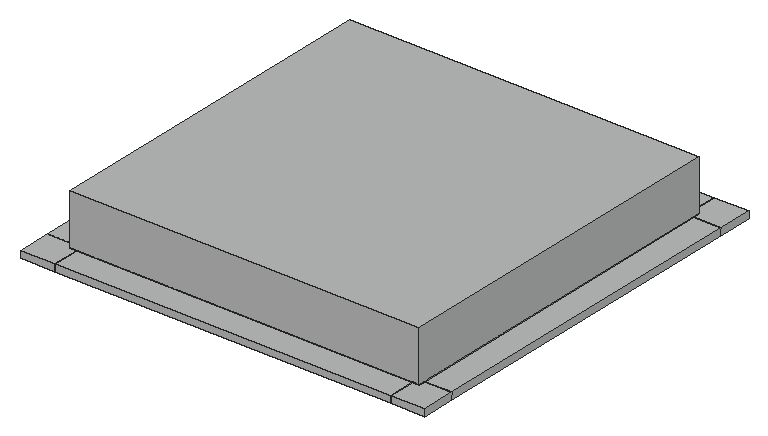
Revit family "ALUMOGIPS", category Осветительные приборы, Revit 2019 (continued)
Types (72, lengths in mm): name | Файл фотометрической сетки | built-in parameter 1150105 | Lumens | built-in parameter 1150106 | built-in parameter 1150142 | Wattage | Emit from Rectangle Width | Emit from Rectangle Length | Длина | Материал светильника | Ширина | ADSK_Ток | ADSK_Полная мощность | ADSK_Обозначение | ADSK_Номинальная мощность | ADSK_Наименование | ADSK_Масса | ADSK_Код изделия
  Alumogips-30/opal-sand 295х595 (IP40, 4000К, серый) | "Светильник ALUMOGIPS-30 OPAL-SAND-(295x595).IES" | 198.94 (stored number, unit not read) | 2500 lm | 1.9894 (stored number, unit not read) | "IESNA:LM-63-95\r\n[TEST] Протокол №80\r\n[DATA]26.06.2016\r\n[MORE] \r\n[MANUFAC] ЗАО \"Центрстройсвет\"\r\n[LUMCAT]  Светильник ALUMOGIPS-30/OPAL-SAND-(295x595)\r\n[LUMINAIRE]\r\n[LAMPCAT] Светодиоды\r\n[LAMP] Поток источника света (светодиодов) не известен\r\n[MORE] КСС приведена в абсолютных величинах кд\r\n[MORE] Вместо потока лампы, указан поток светильника.\r\nTILT=NONE\r\n1    2420 1.0 37 73 1 2 0.295 0.595 0.04\r\n1.0 1.0 28.9\r\n0.0 5.0 10.0 15.0 20.0 25.0 30.0 35.0 40.0 45.0 50.0 55.0 60.0 65.0 70.0 75.0 80.0 85.0 90.0 95.0 100.0 105.0 110.0 115.0 120.0 125.0 130.0 135.0 140.0 145.0 150.0 155.0 160.0 165.0 170.0 175.0 180.0\r\n0.0 5.0 10.0 15.0 20.0 25.0 30.0 35.0 40.0 45.0 50.0 55.0 60.0 65.0 70.0 75.0 80.0 85.0 90.0 95.0 100.0 105.0 110.0 115.0 120.0 125.0 130.0 135.0 140.0 145.0 150.0 155.0 160.0 165.0 170.0 175.0 180.0 185.0 190.0 195.0 200.0 205.0 210.0 215.0 220.0 225.0 230.0 235.0 240.0 245.0 250.0 255.0 260.0 265.0 270.0 275.0 280.0 285.0 290.0 295.0 300.0 305.0 310.0 315.0 320.0 325.0 330.0 335.0 340.0 345.0 350.0 355.0 360.0\r\n911.1 908.3 889.4 861.2 824.6 779.8 729.1 674.3 613.8 546.0 479.1 412.2 342.1 274.7 206.6 142.5 83.1 30.5 0.2 0.0 0.0 0.0 0.0 0.0 0.0 0.0 0.0 0.0 0.0 0.0 0.0 0.0 0.0 0.0 0.0 0.0 0.0\r\n911.1 908.3 890.4 862.2 826.0 781.2 730.0 673.5 610.8 545.9 478.1 412.0 343.0 274.6 207.5 142.8 83.4 31.1 0.3 0.0 0.0 0.0 0.0 0.0 0.0 0.0 0.0 0.0 0.0 0.0 0.0 0.0 0.0 0.0 0.0 0.0 0.0\r\n911.1 908.5 890.5 862.8 826.3 781.1 729.7 670.6 612.5 548.7 480.3 412.7 344.4 275.2 207.5 143.5 83.8 31.5 0.3 0.0 0.0 0.0 0.0 0.0 0.0 0.0 0.0 0.0 0.0 0.0 0.0 0.0 0.0 0.0 0.0 0.0 0.0\r\n911.1 909.2 889.7 860.5 825.1 782.3 731.0 672.5 613.1 547.3 478.2 411.8 342.9 275.2 208.3 143.7 83.9 31.8 0.3 0.0 0.0 0.0 0.0 0.0 0.0 0.0 0.0 0.0 0.0 0.0 0.0 0.0 0.0 0.0 0.0 0.0 0.0\r\n911.1 909.0 891.0 861.5 825.6 782.4 732.7 675.9 611.0 545.2 481.9 413.1 344.4 276.1 208.3 144.0 84.6 32.0 0.3 0.0 0.0 0.0 0.0 0.0 0.0 0.0 0.0 0.0 0.0 0.0 0.0 0.0 0.0 0.0 0.0 0.0 0.0\r\n911.1 908.9 890.1 863.3 826.9 783.2 729.2 673.9 611.8 547.8 480.9 414.1 343.8 275.8 208.6 144.4 85.0 32.4 0.3 0.0 0.0 0.0 0.0 0.0 0.0 0.0 0.0 0.0 0.0 0.0 0.0 0.0 0.0 0.0 0.0 0.0 0.0\r\n911.1 908.9 890.0 862.2 828.3 782.8 731.1 675.1 614.3 547.6 481.3 413.0 345.8 276.7 208.8 145.0 85.3 32.6 0.4 0.0 0.0 0.0 0.0 0.0 0.0 0.0 0.0 0.0 0.0 0.0 0.0 0.0 0.0 0.0 0.0 0.0 0.0\r\n911.1 908.5 891.5 865.2 825.7 780.8 732.5 674.6 615.0 551.3 482.1 414.1 345.1 277.4 208.6 145.5 85.5 33.2 0.5 0.0 0.0 0.0 0.0 0.0 0.0 0.0 0.0 0.0 0.0 0.0 0.0 0.0 0.0 0.0 0.0 0.0 0.0\r\n911.1 908.2 891.4 865.6 827.3 781.0 734.3 676.9 614.9 549.4 482.0 413.8 346.2 277.0 209.5 145.9 86.0 33.8 0.4 0.0 0.0 0.0 0.0 0.0 0.0 0.0 0.0 0.0 0.0 0.0 0.0 0.0 0.0 0.0 0.0 0.0 0.0\r\n911.1 908.7 891.0 864.3 829.6 784.0 732.9 673.2 614.9 550.2 484.5 414.8 346.4 277.8 210.5 146.4 87.2 33.9 0.6 0.0 0.0 0.0 0.0 0.0 0.0 0.0 0.0 0.0 0.0 0.0 0.0 0.0 0.0 0.0 0.0 0.0 0.0\r\n911.1 909.3 890.7 863.4 828.2 782.7 733.6 675.6 617.1 551.3 485.9 416.5 347.0 279.5 211.3 147.1 87.6 34.5 0.8 0.0 0.0 0.0 0.0 0.0 0.0 0.0 0.0 0.0 0.0 0.0 0.0 0.0 0.0 0.0 0.0 0.0 0.0\r\n911.1 908.7 892.5 864.0 829.2 784.2 733.3 676.9 615.6 551.9 484.7 416.9 348.3 279.6 211.6 148.3 88.1 35.0 0.9 0.0 0.0 0.0 0.0 0.0 0.0 0.0 0.0 0.0 0.0 0.0 0.0 0.0 0.0 0.0 0.0 0.0 0.0\r\n911.1 907.6 892.1 865.2 827.4 784.6 731.8 676.8 617.7 552.8 485.1 418.8 350.7 281.3 212.5 148.4 89.0 35.7 1.0 0.0 0.0 0.0 0.0 0.0 0.0 0.0 0.0 0.0 0.0 0.0 0.0 0.0 0.0 0.0 0.0 0.0 0.0\r\n911.1 907.1 892.1 864.5 830.2 788.3 733.6 677.4 617.3 552.0 487.9 420.8 349.8 281.3 213.4 149.2 89.9 36.2 1.3 0.0 0.0 0.0 0.0 0.0 0.0 0.0 0.0 0.0 0.0 0.0 0.0 0.0 0.0 0.0 0.0 0.0 0.0\r\n911.1 907.7 891.9 865.7 828.5 785.6 735.2 678.9 620.0 555.8 488.8 421.1 351.5 282.7 215.2 149.7 90.8 36.9 1.5 0.0 0.0 0.0 0.0 0.0 0.0 0.0 0.0 0.0 0.0 0.0 0.0 0.0 0.0 0.0 0.0 0.0 0.0\r\n911.1 907.8 891.0 864.8 830.1 786.1 738.7 679.4 616.5 556.6 490.6 420.2 352.4 284.5 215.4 151.3 91.1 37.6 1.5 0.0 0.0 0.0 0.0 0.0 0.0 0.0 0.0 0.0 0.0 0.0 0.0 0.0 0.0 0.0 0.0 0.0 0.0\r\n911.1 907.6 892.2 865.5 829.8 785.3 740.8 681.1 621.3 555.2 488.2 422.8 352.5 285.0 216.2 151.5 92.2 38.3 1.9 0.0 0.0 0.0 0.0 0.0 0.0 0.0 0.0 0.0 0.0 0.0 0.0 0.0 0.0 0.0 0.0 0.0 0.0\r\n911.1 907.4 892.1 866.1 829.8 787.6 737.3 681.4 621.4 556.0 491.1 422.7 354.9 284.7 217.1 152.4 93.0 39.4 2.0 0.0 0.0 0.0 0.0 0.0 0.0 0.0 0.0 0.0 0.0 0.0 0.0 0.0 0.0 0.0 0.0 0.0 0.0\r\n911.1 907.1 892.7 864.9 831.7 788.2 738.4 680.3 623.5 555.8 491.4 423.2 354.0 286.0 218.2 152.8 93.7 40.1 1.9 0.0 0.0 0.0 0.0 0.0 0.0 0.0 0.0 0.0 0.0 0.0 0.0 0.0 0.0 0.0 0.0 0.0 0.0\r\n911.1 907.4 892.3 867.6 830.6 789.2 737.9 683.1 622.5 558.1 492.5 424.4 355.9 287.7 219.1 154.3 94.7 40.4 2.5 0.0 0.0 0.0 0.0 0.0 0.0 0.0 0.0 0.0 0.0 0.0 0.0 0.0 0.0 0.0 0.0 0.0 0.0\r\n911.1 907.5 892.4 866.9 832.1 790.0 736.6 683.9 623.3 559.4 493.1 425.9 357.0 288.4 220.1 155.2 95.3 41.1 2.6 0.0 0.0 0.0 0.0 0.0 0.0 0.0 0.0 0.0 0.0 0.0 0.0 0.0 0.0 0.0 0.0 0.0 0.0\r\n911.1 906.9 893.0 866.2 832.9 789.5 740.6 686.4 622.6 558.9 494.6 425.2 357.7 289.6 220.8 156.1 95.8 41.9 2.6 0.0 0.0 0.0 0.0 0.0 0.0 0.0 0.0 0.0 0.0 0.0 0.0 0.0 0.0 0.0 0.0 0.0 0.0\r\n911.1 906.5 892.0 867.1 832.6 789.9 741.4 686.3 627.3 561.0 497.2 429.6 357.8 290.1 222.7 156.4 96.7 42.4 3.1 0.0 0.0 0.0 0.0 0.0 0.0 0.0 0.0 0.0 0.0 0.0 0.0 0.0 0.0 0.0 0.0 0.0 0.0\r\n911.1 906.8 892.3 868.3 834.8 789.8 739.1 686.9 625.0 562.3 496.2 428.6 359.5 290.7 222.5 158.0 97.5 42.6 3.4 0.0 0.0 0.0 0.0 0.0 0.0 0.0 0.0 0.0 0.0 0.0 0.0 0.0 0.0 0.0 0.0 0.0 0.0\r\n911.1 907.7 893.1 868.2 834.1 793.7 743.1 687.9 626.4 562.8 495.5 430.8 360.5 292.6 223.4 158.6 97.7 43.5 3.3 0.0 0.0 0.0 0.0 0.0 0.0 0.0 0.0 0.0 0.0 0.0 0.0 0.0 0.0 0.0 0.0 0.0 0.0\r\n911.1 908.2 893.8 868.2 835.6 793.6 743.3 688.3 626.0 564.5 498.1 431.2 361.0 293.4 224.3 158.9 98.6 44.0 3.5 0.0 0.0 0.0 0.0 0.0 0.0 0.0 0.0 0.0 0.0 0.0 0.0 0.0 0.0 0.0 0.0 0.0 0.0\r\n911.1 906.7 894.2 868.9 835.7 792.8 743.7 688.3 628.3 564.5 497.7 430.5 361.2 293.3 224.8 160.4 99.3 44.4 3.7 0.0 0.0 0.0 0.0 0.0 0.0 0.0 0.0 0.0 0.0 0.0 0.0 0.0 0.0 0.0 0.0 0.0 0.0\r\n911.1 906.5 894.7 867.9 834.7 795.0 744.2 689.6 630.1 566.4 499.6 431.8 363.0 294.1 225.6 160.8 100.0 45.1 3.6 0.0 0.0 0.0 0.0 0.0 0.0 0.0 0.0 0.0 0.0 0.0 0.0 0.0 0.0 0.0 0.0 0.0 0.0\r\n911.1 906.5 895.1 869.9 835.9 794.8 744.6 690.7 627.4 566.4 500.2 432.4 364.0 294.7 227.0 161.2 100.6 45.6 3.8 0.0 0.0 0.0 0.0 0.0 0.0 0.0 0.0 0.0 0.0 0.0 0.0 0.0 0.0 0.0 0.0 0.0 0.0\r\n911.1 906.1 895.4 869.1 835.9 794.7 746.0 689.6 630.7 566.6 499.6 432.7 363.1 295.7 227.9 161.9 100.9 46.3 4.0 0.0 0.0 0.0 0.0 0.0 0.0 0.0 0.0 0.0 0.0 0.0 0.0 0.0 0.0 0.0 0.0 0.0 0.0\r\n911.1 906.1 894.6 870.7 836.3 795.3 746.6 689.6 632.6 567.7 500.1 432.1 364.4 296.0 227.8 162.7 101.4 46.4 4.5 0.0 0.0 0.0 0.0 0.0 0.0 0.0 0.0 0.0 0.0 0.0 0.0 0.0 0.0 0.0 0.0 0.0 0.0\r\n911.1 906.3 895.6 868.8 835.5 793.2 745.3 690.7 630.8 568.5 500.6 433.3 364.7 295.8 227.5 162.6 101.3 46.8 4.6 0.0 0.0 0.0 0.0 0.0 0.0 0.0 0.0 0.0 0.0 0.0 0.0 0.0 0.0 0.0 0.0 0.0 0.0\r\n911.1 907.0 895.4 871.8 837.5 794.5 744.5 690.6 631.8 568.8 502.5 436.2 365.6 296.2 228.3 163.9 101.9 47.1 4.6 0.0 0.0 0.0 0.0 0.0 0.0 0.0 0.0 0.0 0.0 0.0 0.0 0.0 0.0 0.0 0.0 0.0 0.0\r\n911.1 907.6 895.4 871.8 839.2 796.0 747.1 690.6 629.6 567.5 501.4 434.5 365.7 297.2 228.8 163.4 102.4 47.5 4.6 0.0 0.0 0.0 0.0 0.0 0.0 0.0 0.0 0.0 0.0 0.0 0.0 0.0 0.0 0.0 0.0 0.0 0.0\r\n911.1 906.1 895.5 871.6 838.7 794.9 748.2 694.5 632.4 570.3 502.5 434.5 365.5 297.1 229.4 164.0 102.4 47.5 4.7 0.0 0.0 0.0 0.0 0.0 0.0 0.0 0.0 0.0 0.0 0.0 0.0 0.0 0.0 0.0 0.0 0.0 0.0\r\n911.1 904.8 895.9 869.8 836.7 797.2 747.1 691.9 633.4 569.5 503.4 435.1 366.2 298.1 229.3 163.6 102.3 47.2 4.3 0.0 0.0 0.0 0.0 0.0 0.0 0.0 0.0 0.0 0.0 0.0 0.0 0.0 0.0 0.0 0.0 0.0 0.0\r\n911.1 905.3 894.0 871.2 840.2 796.2 748.3 691.8 631.5 572.4 503.6 433.5 366.8 297.9 229.2 163.3 101.8 46.8 3.8 0.0 0.0 0.0 0.0 0.0 0.0 0.0 0.0 0.0 0.0 0.0 0.0 0.0 0.0 0.0 0.0 0.0 0.0\r\n911.1 906.0 894.9 870.9 837.1 795.0 745.7 693.0 630.8 569.0 503.7 436.4 366.4 297.7 229.8 163.4 101.8 46.5 3.4 0.0 0.0 0.0 0.0 0.0 0.0 0.0 0.0 0.0 0.0 0.0 0.0 0.0 0.0 0.0 0.0 0.0 0.0\r\n911.1 905.6 893.6 871.4 839.9 797.6 749.1 691.5 633.0 570.8 502.5 434.8 366.1 296.6 228.5 162.8 101.0 46.0 2.9 0.0 0.0 0.0 0.0 0.0 0.0 0.0 0.0 0.0 0.0 0.0 0.0 0.0 0.0 0.0 0.0 0.0 0.0\r\n911.1 905.5 894.6 871.9 838.0 794.6 747.0 692.0 634.0 569.3 502.9 435.5 366.8 296.4 228.8 163.2 101.1 46.1 2.8 0.0 0.0 0.0 0.0 0.0 0.0 0.0 0.0 0.0 0.0 0.0 0.0 0.0 0.0 0.0 0.0 0.0 0.0\r\n911.1 906.2 893.1 871.0 837.2 796.8 749.0 694.0 633.1 569.5 503.5 436.7 366.4 297.6 228.4 162.6 101.3 45.7 2.8 0.0 0.0 0.0 0.0 0.0 0.0 0.0 0.0 0.0 0.0 0.0 0.0 0.0 0.0 0.0 0.0 0.0 0.0\r\n911.1 905.4 893.6 869.9 837.0 796.8 747.6 692.4 634.5 568.4 503.4 433.2 365.8 296.2 227.1 162.3 100.7 45.6 2.7 0.0 0.0 0.0 0.0 0.0 0.0 0.0 0.0 0.0 0.0 0.0 0.0 0.0 0.0 0.0 0.0 0.0 0.0\r\n911.1 905.2 893.1 870.9 837.6 799.4 749.7 694.6 632.4 569.7 501.2 433.7 366.5 296.3 227.6 162.0 100.7 45.2 2.6 0.0 0.0 0.0 0.0 0.0 0.0 0.0 0.0 0.0 0.0 0.0 0.0 0.0 0.0 0.0 0.0 0.0 0.0\r\n911.1 905.6 892.8 867.9 836.3 795.3 747.6 693.8 632.3 568.8 503.5 433.9 364.4 295.4 227.4 162.1 100.2 45.0 2.6 0.0 0.0 0.0 0.0 0.0 0.0 0.0 0.0 0.0 0.0 0.0 0.0 0.0 0.0 0.0 0.0 0.0 0.0\r\n911.1 906.0 891.2 869.4 838.7 796.6 744.5 691.3 630.5 568.4 500.5 432.6 364.8 294.7 226.6 161.5 99.4 44.6 2.4 0.0 0.0 0.0 0.0 0.0 0.0 0.0 0.0 0.0 0.0 0.0 0.0 0.0 0.0 0.0 0.0 0.0 0.0\r\n911.1 906.3 892.3 868.8 836.4 794.7 746.4 690.6 628.4 567.4 501.0 433.5 364.4 294.7 226.3 161.5 99.1 44.1 2.3 0.0 0.0 0.0 0.0 0.0 0.0 0.0 0.0 0.0 0.0 0.0 0.0 0.0 0.0 0.0 0.0 0.0 0.0\r\n911.1 906.1 891.2 870.3 836.5 796.5 746.5 691.1 630.2 565.4 501.0 432.5 361.6 293.6 224.8 160.3 98.9 43.7 2.2 0.0 0.0 0.0 0.0 0.0 0.0 0.0 0.0 0.0 0.0 0.0 0.0 0.0 0.0 0.0 0.0 0.0 0.0\r\n911.1 906.7 892.3 869.5 834.4 794.2 744.3 688.5 631.3 567.2 500.0 431.6 362.1 292.6 224.4 159.4 98.3 43.1 2.1 0.0 0.0 0.0 0.0 0.0 0.0 0.0 0.0 0.0 0.0 0.0 0.0 0.0 0.0 0.0 0.0 0.0 0.0\r\n911.1 906.3 891.7 869.3 838.3 794.6 745.1 687.7 632.2 566.3 497.6 429.3 361.9 293.2 223.9 158.7 97.6 42.4 1.9 0.0 0.0 0.0 0.0 0.0 0.0 0.0 0.0 0.0 0.0 0.0 0.0 0.0 0.0 0.0 0.0 0.0 0.0\r\n911.1 906.6 891.2 870.7 835.8 791.7 742.2 688.7 628.2 564.3 497.8 429.8 361.0 291.5 223.5 157.7 97.3 42.0 1.8 0.0 0.0 0.0 0.0 0.0 0.0 0.0 0.0 0.0 0.0 0.0 0.0 0.0 0.0 0.0 0.0 0.0 0.0\r\n911.1 906.1 891.3 868.6 834.6 791.7 744.4 685.8 625.4 562.6 496.6 428.8 360.1 290.5 222.4 157.1 96.1 41.3 1.7 0.0 0.0 0.0 0.0 0.0 0.0 0.0 0.0 0.0 0.0 0.0 0.0 0.0 0.0 0.0 0.0 0.0 0.0\r\n911.1 905.2 892.6 868.1 835.0 791.5 742.2 686.7 625.4 563.1 497.3 427.9 358.4 290.7 221.2 155.8 95.6 40.8 1.5 0.0 0.0 0.0 0.0 0.0 0.0 0.0 0.0 0.0 0.0 0.0 0.0 0.0 0.0 0.0 0.0 0.0 0.0\r\n911.1 905.3 892.8 868.0 833.0 791.3 744.3 685.1 623.6 560.5 492.9 426.5 357.2 288.9 220.3 154.7 94.8 40.1 1.3 0.0 0.0 0.0 0.0 0.0 0.0 0.0 0.0 0.0 0.0 0.0 0.0 0.0 0.0 0.0 0.0 0.0 0.0\r\n911.1 906.6 890.8 868.3 833.0 790.4 741.1 685.4 624.1 560.7 492.9 424.1 356.4 288.9 219.7 154.0 93.5 39.4 1.2 0.0 0.0 0.0 0.0 0.0 0.0 0.0 0.0 0.0 0.0 0.0 0.0 0.0 0.0 0.0 0.0 0.0 0.0\r\n911.1 907.4 891.8 866.4 833.1 790.2 739.5 683.6 621.7 561.4 494.4 424.6 356.0 287.1 219.0 153.3 92.5 38.6 1.1 0.0 0.0 0.0 0.0 0.0 0.0 0.0 0.0 0.0 0.0 0.0 0.0 0.0 0.0 0.0 0.0 0.0 0.0\r\n911.1 907.0 891.7 867.9 832.2 788.0 736.3 683.3 623.7 556.4 492.1 424.3 353.3 286.6 217.1 152.4 91.9 37.8 0.8 0.0 0.0 0.0 0.0 0.0 0.0 0.0 0.0 0.0 0.0 0.0 0.0 0.0 0.0 0.0 0.0 0.0 0.0\r\n911.1 906.8 892.1 865.5 829.5 787.9 737.3 680.4 618.9 555.6 491.7 423.2 353.3 284.2 216.2 151.5 91.3 37.0 0.7 0.0 0.0 0.0 0.0 0.0 0.0 0.0 0.0 0.0 0.0 0.0 0.0 0.0 0.0 0.0 0.0 0.0 0.0\r\n911.1 906.0 890.4 864.7 830.5 788.2 737.8 682.0 618.5 554.8 489.2 421.0 352.5 282.8 214.0 149.9 90.1 36.6 0.6 0.0 0.0 0.0 0.0 0.0 0.0 0.0 0.0 0.0 0.0 0.0 0.0 0.0 0.0 0.0 0.0 0.0 0.0\r\n911.1 905.1 891.5 865.2 828.0 784.8 738.1 677.5 619.3 553.0 488.5 419.0 350.1 282.1 214.0 149.5 89.3 35.6 0.4 0.0 0.0 0.0 0.0 0.0 0.0 0.0 0.0 0.0 0.0 0.0 0.0 0.0 0.0 0.0 0.0 0.0 0.0\r\n911.1 906.0 891.6 863.4 826.4 784.8 735.2 679.4 616.1 553.3 487.5 418.1 349.5 281.2 213.4 148.4 88.5 34.8 0.3 0.0 0.0 0.0 0.0 0.0 0.0 0.0 0.0 0.0 0.0 0.0 0.0 0.0 0.0 0.0 0.0 0.0 0.0\r\n911.1 906.8 890.4 864.5 828.0 784.0 735.1 678.8 616.8 551.9 484.6 417.7 349.7 279.3 211.1 147.6 87.7 34.2 0.3 0.0 0.0 0.0 0.0 0.0 0.0 0.0 0.0 0.0 0.0 0.0 0.0 0.0 0.0 0.0 0.0 0.0 0.0\r\n911.1 907.5 888.8 862.0 826.9 780.2 732.3 675.0 614.9 551.2 485.3 416.4 346.6 278.8 211.6 146.2 86.7 33.6 0.2 0.0 0.0 0.0 0.0 0.0 0.0 0.0 0.0 0.0 0.0 0.0 0.0 0.0 0.0 0.0 0.0 0.0 0.0\r\n911.1 907.5 889.7 863.2 826.6 785.1 732.2 672.0 614.2 551.3 484.5 416.7 346.2 277.6 210.1 145.9 85.8 32.8 0.2 0.0 0.0 0.0 0.0 0.0 0.0 0.0 0.0 0.0 0.0 0.0 0.0 0.0 0.0 0.0 0.0 0.0 0.0\r\n911.1 907.3 890.1 863.9 825.1 780.0 730.7 678.4 612.1 549.9 481.9 414.5 344.9 276.9 209.3 145.1 85.2 32.3 0.1 0.0 0.0 0.0 0.0 0.0 0.0 0.0 0.0 0.0 0.0 0.0 0.0 0.0 0.0 0.0 0.0 0.0 0.0\r\n911.1 908.5 889.1 862.4 825.5 781.7 731.2 672.6 612.0 547.6 482.4 413.8 345.8 275.4 208.5 144.0 84.8 31.6 0.1 0.0 0.0 0.0 0.0 0.0 0.0 0.0 0.0 0.0 0.0 0.0 0.0 0.0 0.0 0.0 0.0 0.0 0.0\r\n911.1 908.0 889.3 861.7 824.9 780.9 731.0 672.8 611.9 545.5 481.0 411.8 343.3 274.8 207.7 143.4 84.0 31.2 0.1 0.0 0.0 0.0 0.0 0.0 0.0 0.0 0.0 0.0 0.0 0.0 0.0 0.0 0.0 0.0 0.0 0.0 0.0\r\n911.1 906.5 887.9 861.2 824.2 781.5 729.8 672.2 609.7 547.2 479.7 411.1 343.5 274.5 206.8 143.2 83.6 30.7 0.1 0.0 0.0 0.0 0.0 0.0 0.0 0.0 0.0 0.0 0.0 0.0 0.0 0.0 0.0 0.0 0.0 0.0 0.0\r\n911.1 906.8 888.0 859.9 826.4 781.3 727.9 671.1 610.9 546.9 478.6 411.5 342.5 274.4 207.1 142.8 83.0 30.3 0.1 0.0 0.0 0.0 0.0 0.0 0.0 0.0 0.0 0.0 0.0 0.0 0.0 0.0 0.0 0.0 0.0 0.0 0.0\r\n911.1 907.2 889.6 859.4 824.1 778.8 730.0 672.0 610.3 544.9 478.2 410.6 341.6 274.5 206.3 141.9 82.8 30.0 0.1 0.0 0.0 0.0 0.0 0.0 0.0 0.0 0.0 0.0 0.0 0.0 0.0 0.0 0.0 0.0 0.0 0.0 0.0\r\n911.1 908.0 888.9 861.7 823.7 778.6 726.6 673.0 609.3 546.3 478.0 409.7 341.7 273.2 206.1 141.7 82.2 29.9 0.0 0.0 0.0 0.0 0.0 0.0 0.0 0.0 0.0 0.0 0.0 0.0 0.0 0.0 0.0 0.0 0.0 0.0 0.0\r\n911.1 908.5 889.0 862.2 823.5 778.2 729.5 669.6 608.8 545.8 478.2 411.0 340.7 272.7 206.2 142.0 82.2 29.8 0.1 0.0 0.0 0.0 0.0 0.0 0.0 0.0 0.0 0.0 0.0 0.0 0.0 0.0 0.0 0.0 0.0 0.0 0.0\r\n911.1 908.3 889.7 863.3 826.0 781.1 728.4 671.9 608.5 545.7 478.5 410.8 342.7 273.4 205.7 141.8 82.4 30.1 0.2 0.0 0.0 0.0 0.0 0.0 0.0 0.0 0.0 0.0 0.0 0.0 0.0 0.0 0.0 0.0 0.0 0.0 0.0\r\n911.1 908.3 889.4 861.2 824.6 779.8 729.1 674.3 613.8 546.0 479.1 412.2 342.1 274.7 206.6 142.5 83.1 30.5 0.2 0.0 0.0 0.0 0.0 0.0 0.0 0.0 0.0 0.0 0.0 0.0 0.0 0.0 0.0 0.0 0.0 0.0 0.0\r\n" | 16.8303 W | 275 | 575 | 595 | RAL 9006 | 295 | 0.141777 A | 32.6087 VA | "Alumogips-30/opal-sand 295х595 (IP40, 4000К, серый)" | 30 W | "Встраиваемый светодиодный светильник Alumogips-30/opal-sand 295х595 (IP40, 4000К, серый)" | 1.3 | "ЦБ000006719"
